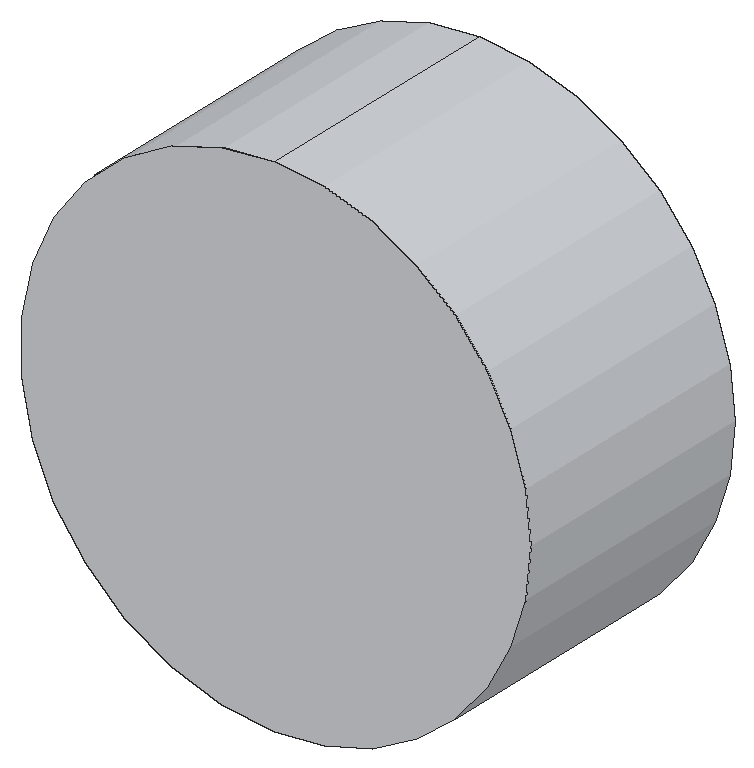
Revit family "M3-MBH-SMB-BIM", category Allgemeines Modell, Revit 2023
Family settings
  Kann Basisbauteil für Bewehrung sein = Nein
  Bemaßung runder Anschluss = Durchmesser verwenden
  Teiletyp = Normal
  Arbeitsebenenbasiert = Nein
  Immer vertikal = Ja
  Beim Laden mit Abzugskörper schneiden = Nein
  Beschriftungsausrichtung beibehalten = Nein
  Gemeinsam genutzt = Nein
  Raumberechnungspunkt = Nein
Parameters (values of type "Norm")
  Vorgabe-Ansicht = 0 mm
  Verbindung_1_Durchmesser = 20.8 mm
  Modell = "M7/SMB Durchlauferhitzer 6,5KW/400V"
  Materialstärke = 1 mm
  Hersteller = "CLAGE GmbH"
  Beschreibung = "Kleinstdurchlauferhitzer"
  Art_Nr2 = 2222
  Art_Nr1 = 1111
Reference planes
  plane 1 "Mitte (Vorne/Hinten)": y = 0
  plane 2: z = 0
  plane 3 "Mitte (Links/Rechts)": x = 0
Forms (mm)
  Extrusion 1, solid
    sketch origin (0, 13.6, -109.547) x (0, 0, -1) y (1, 0, 0)
      loop
        circle (0, 0) r 3.048
    from 0 to -3.048
Dimensions and locks
  aligned and locked: level to plane 2
Connectors
  piping at (0, 13.6, -109.547), diameter 20.8, driven by "Verbindung_1_Durchmesser"
    settings: on Extrusion 1, index 1, connector inside diameter 609.6 mm, connector length 0 mm, flow factor 0, pipe flow 0.0 L/s, pressure drop 0.0 Pa, fitting loss kfactor 0, connector angle 0.00°, fixture units 0, engagement length 0 mm, angle of deflection 0.00°, flow configuration 3, flow direction 1, fitting loss method 0, system type 20, joint type 0, gender type 0, connector reference index -1, connector utility 0, adjustable connector no, is connector primary yes, connector description ""
